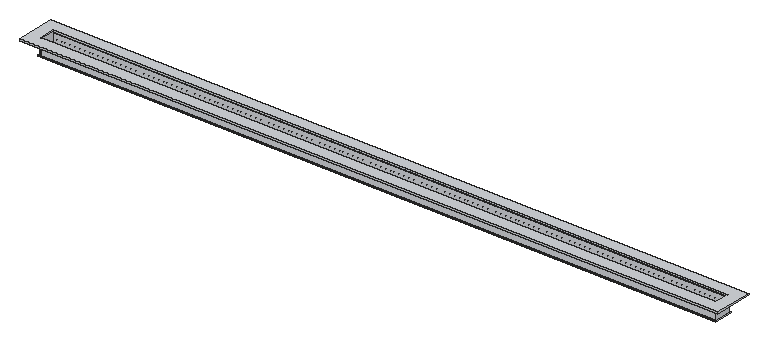
Revit family "GR72 - GR0002", category Generic Models, host Face, Revit 2019
Family settings
  Host = Face
  Can host rebar = No
  Round Connector Dimension = Use Diameter
  Part Type = Normal
  Cut with Voids When Loaded = No
  Shared = No
  Room Calculation Point = No
Parameters
  Default Elevation = 48.00"
Reference planes (in)
  plane 1 "Center (Front/Back)": y = 0
  plane 2: z = 0
  plane 3 "Center (Left/Right)": x = 0
Forms (in)
  Extrusion 1, solid
    sketch origin (0, 0, 0) x (1, 0, 0) y (0, 1, 0)
      loop
        line (-38.4375, 2.09375) -> (-38.4375, -2.09375) -> (38.4375, -2.09375) -> (38.4375, 2.09375) -> (-38.4375, 2.09375)
      loop
        line (-37.1775, 0.83375) -> (-37.1775, -0.83375) -> (37.1775, -0.83375) -> (37.1775, 0.83375) -> (-37.1775, 0.83375)
    from 0 to 0.16
  Extrusion 2, solid
    sketch origin (0, 0, 0) x (1, 0, 0) y (0, 1, 0)
      loop
        line (37.1775, 0.83375) -> (-37.1775, 0.83375) -> (-37.1775, -0.83375) -> (37.1775, -0.83375) -> (37.1775, 0.83375)
      loop
        line (-37.2175, 0.87375) -> (-37.2175, -0.87375) -> (37.2175, -0.87375) -> (37.2175, 0.87375) -> (-37.2175, 0.87375)
    from 0 to -1.63
  Extrusion 3, solid
    sketch origin (0, 0, 0) x (1, 0, 0) y (0, 1, 0)
      loop
        line (37.2175, 0.87375) -> (-37.2175, 0.87375) -> (-37.2175, -0.87375) -> (37.2175, -0.87375) -> (37.2175, 0.87375)
      loop
        line (37.3375, 0.99375) -> (-37.3375, 0.99375) -> (-37.3375, -0.99375) -> (37.3375, -0.99375) -> (37.3375, 0.99375)
    from -1.55 to -1.63
  Extrusion 4, solid
    sketch origin (0, 0, 0) x (1, 0, 0) y (0, 1, 0)
      loop
        line (37.2175, 0.87375) -> (-37.2175, 0.87375) -> (-37.2175, -0.87375) -> (37.2175, -0.87375) -> (37.2175, 0.87375)
      loop
        line (37.3375, 0.99375) -> (-37.3375, 0.99375) -> (-37.3375, -0.99375) -> (37.3375, -0.99375) -> (37.3375, 0.99375)
    from -0.66 to -0.6
Lines and regions (in)
  symbolic lines
    curve 1: line (-38.4375, 0, 0) -> (38.4375, 0, 0)
Dimensions and locks (in)
  Extrusion 1 to Extrusion 1 = 76.875"
  Extrusion 1 to Extrusion 1 = 4.1875"
  aligned and locked: plane 2 to host face
  aligned and locked: level to host face
